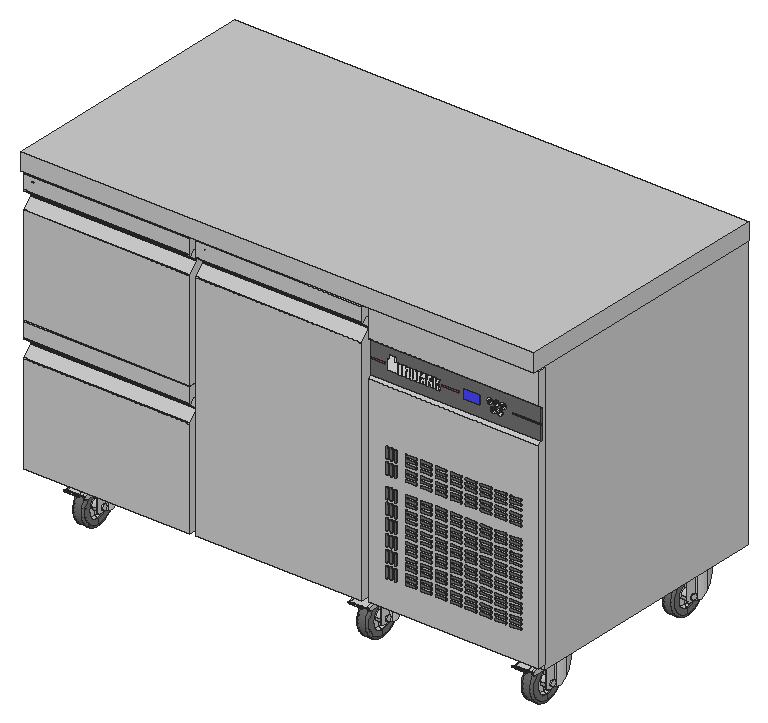
Revit family "QF_INOMAK_PNRP99_250612075801", category Specialty Equipment, Revit 2021 (continued)
Definition of nested family "QF_INOMAK_REF_COUNTERS_DOORS_DRAWERS_6956"
  Definition of nested family "3_Drawers_1-3"
    Forms (mm)
      Extrusion 6, solid, material <- "Finish", visible <- "3 Drawers"
        sketch origin (35, 0, -441.333) x (0, -1, 0) y (0, 0, 1)
          loop
            line (665.734, 826.339) -> (665.734, 857.243)
            arc (665.734, 857.243) -> (666.433, 858.929) -> (668.119, 859.628) r 2.385
            line (668.119, 859.628) -> (680.029, 859.628) -> (686.544, 850.324)
            arc (686.544, 850.324) -> (688.671, 849.602) -> (690, 851.414) r 1.9
            line (690, 851.414) -> (690, 889.333) -> (648, 889.333) -> (648, 595.333) -> (690, 595.333)
        from 0 to -1130
    Lines and regions (mm)
      symbolic lines, visible <- "3 Drawers"
        curve 1: line (35, -850, 900) -> (35, -890, 900)
        curve 2: line (35, -890, 900) -> (1165, -890, 900)
        curve 3: line (1165, -890, 900) -> (1165, -850, 900)
        curve 4: line (1165, -850, 900) -> (35, -850, 900)
        curve 5: line (1135, -850, 900) -> (1135, -700, 900)
        curve 6: line (65, -850, 900) -> (65, -700, 900)
        curve 7: line (35, -1040, 900) -> (35, -1080, 900)
        curve 8: line (35, -1080, 900) -> (1165, -1080, 900)
        curve 9: line (1165, -1080, 900) -> (1165, -1040, 900)
        curve 10: line (1165, -1040, 900) -> (35, -1040, 900)
        curve 11: line (1135, -1040, 900) -> (1135, -890, 900)
        curve 12: line (65, -1040, 900) -> (65, -890, 900)
        curve 13: line (35, -1225, 900) -> (35, -1265, 900)
        curve 14: line (35, -1265, 900) -> (1165, -1265, 900)
        curve 15: line (1165, -1265, 900) -> (1165, -1225, 900)
        curve 16: line (1165, -1225, 900) -> (35, -1225, 900)
        curve 17: line (1135, -1225, 900) -> (1135, -1080, 900)
        curve 18: line (65, -1225, 900) -> (65, -1080, 900)
    Dimensions and locks
      "Length Actual": plane 3 "Left" to plane 4 "Right"
      "Depth Actual": plane 5 "Front" to plane 1 "Back"
      "Height Actual": plane 6 "Top" to plane 8 "Legs top"
      "Front inset": plane 7 "Front legs" to plane 5 "Front"
      "Plinth height": plane 8 "Legs top" to plane 2
      "Rear inset": plane 9 "Backsplash thickness" to plane 1 "Back"
      "Right panel thickness": plane 11 "Right panel" to plane 4 "Right"
      "Left panel thickness": plane 3 "Left" to plane 10 "Left panel"
      plane 14 to plane 15 = 4.667 mm
      equal spacing: plane 14, plane 12, plane 15
      locked: plane 16 to plane 13 at 2
      equal spacing: plane 18, plane 17, plane 19
      plane 18 to plane 19 = 5.333 mm
      "Bottom inset": plane 20 to plane 8 "Legs top"
      equal spacing: plane 21, plane 17, plane 12, plane 16
      "Top inset": plane 13 to plane 6 "Top"
      locked: plane 21 to plane 20 at 2
      aligned and locked: level to plane 2
      aligned and locked: Extrusion 1 to plane 11 "Right panel"
      aligned and locked: plane 10 "Left panel" to curve 1
      aligned and locked: plane 10 "Left panel" to curve 7
      aligned and locked: plane 10 "Left panel" to curve 13
      aligned and locked: Extrusion 2 sketch curve to plane 10 "Left panel"
      aligned and locked: plane 11 "Right panel" to Extrusion 2 sketch curve
      aligned and locked: Extrusion 3 sketch curve to plane 10 "Left panel"
      aligned and locked: plane 11 "Right panel" to Extrusion 3 sketch curve
      aligned and locked: Extrusion 4 sketch curve to plane 10 "Left panel"
      aligned and locked: plane 11 "Right panel" to Extrusion 4 sketch curve
      aligned and locked: Extrusion 2 to plane 13
      aligned and locked: Extrusion 3 to plane 15
      aligned and locked: Extrusion 4 to plane 19
      aligned and locked: Extrusion 5 to plane 11 "Right panel"
      aligned and locked: Extrusion 6 to plane 11 "Right panel"
      aligned and locked: Extrusion 1 sketch curve to plane 13
      aligned and locked: Extrusion 1 sketch curve to plane 7 "Front legs"
      aligned and locked: plane 18 to Extrusion 5 sketch curve
      aligned and locked: Extrusion 6 sketch curve to Extrusion 4  (x2)
      aligned and locked: Extrusion 5 sketch curve to plane 15
      aligned and locked: Extrusion 4 to Extrusion 5 sketch curve
      aligned and locked: Extrusion 6 sketch curve to plane 19
      aligned and locked: Extrusion 6 sketch curve to plane 20
    Automatic sketch dimensions
      Extrusion 2 sketch curve to plane 7 "Front legs" = 0 mm
      Extrusion 2 sketch curve to plane 5 "Front" = 565.045 mm
      Extrusion 3 sketch curve to plane 7 "Front legs" = 0 mm
      Extrusion 3 sketch curve to plane 5 "Front" = 565.045 mm
      Extrusion 4 sketch curve to plane 7 "Front legs" = 0 mm
      Extrusion 4 sketch curve to plane 5 "Front" = 565.045 mm
      curve 14 to plane 11 "Right panel" = 0 mm
      curve 8 to plane 11 "Right panel" = 0 mm
      curve 3 to plane 11 "Right panel" = 0 mm
      curve 6 to plane 5 "Front" = 0 mm
      curve 5 to plane 5 "Front" = 0 mm
      curve 1 to plane 5 "Front" = 150 mm
      curve 2 to curve 3 = 40 mm
      curve 10 to curve 1 = 150 mm
      curve 9 to curve 9 = 40 mm
      curve 13 to curve 7 = 145 mm
      curve 14 to curve 13 = 40 mm
      curve 3 to curve 5 = 30 mm
      curve 15 to curve 17 = 30 mm
      curve 11 to curve 17 = 0 mm
      curve 6 to plane 10 "Left panel" = 30 mm
      curve 18 to plane 10 "Left panel" = 30 mm
      curve 12 to curve 18 = 0 mm
      Extrusion 1 sketch curve to plane 14 = 0 mm
      Extrusion 1 sketch curve to plane 7 "Front legs" = 0 mm
      plane 7 "Front legs" to Extrusion 1 sketch curve = 0.515 mm
      plane 7 "Front legs" to Extrusion 1 sketch curve = 1.757 mm
      plane 7 "Front legs" to Extrusion 1 sketch curve = 1.9 mm
      Extrusion 1 sketch curve to Extrusion 1 sketch curve = 1.556 mm
      plane 7 "Front legs" to Extrusion 1 sketch curve = 9.971 mm
      plane 7 "Front legs" to Extrusion 1 sketch curve = 21.094 mm
      Extrusion 1 sketch curve to Extrusion 1 sketch curve = 11.91 mm
      Extrusion 1 sketch curve to Extrusion 1 sketch curve = 2.243 mm
      Extrusion 1 sketch curve to Extrusion 1 sketch curve = 2.385 mm
      Extrusion 1 sketch curve to Extrusion 1 sketch curve = 20.119 mm
      plane 13 to Extrusion 1 sketch curve = 85.635 mm
      Extrusion 1 sketch curve to Extrusion 1 sketch curve = 22.822 mm
      Extrusion 1 sketch curve to Extrusion 1 sketch curve = 19.985 mm
      Extrusion 1 sketch curve to Extrusion 1 sketch curve = 6.919 mm
      plane 15 to Extrusion 5 sketch curve = 59.328 mm
      Extrusion 5 sketch curve to Extrusion 5 sketch curve = 17.734 mm
      plane 15 to Extrusion 5 sketch curve = 61.571 mm
      Extrusion 5 sketch curve to Extrusion 5 sketch curve = 0.929 mm
      Extrusion 5 sketch curve to Extrusion 5 sketch curve = 2.385 mm
      Extrusion 5 sketch curve to Extrusion 5 sketch curve = 11.91 mm
      Extrusion 5 sketch curve to Extrusion 5 sketch curve = 6.515 mm
      Extrusion 5 sketch curve to Extrusion 5 sketch curve = 1.556 mm
      Extrusion 5 sketch curve to Extrusion 5 sketch curve = 21.58 mm
      plane 15 to Extrusion 5 sketch curve = 84.393 mm
      Extrusion 5 sketch curve to Extrusion 5 sketch curve = 1.242 mm
      Extrusion 5 sketch curve to Extrusion 5 sketch curve = 1.9 mm
      Extrusion 5 sketch curve to Extrusion 5 sketch curve = 0.515 mm
      Extrusion 5 sketch curve to Extrusion 5 sketch curve = 6.919 mm
      Extrusion 5 sketch curve to Extrusion 5 sketch curve = 30.039 mm
      plane 7 "Front legs" to Extrusion 6 sketch curve = 0.515 mm
      plane 7 "Front legs" to Extrusion 6 sketch curve = 1.757 mm
      plane 7 "Front legs" to Extrusion 6 sketch curve = 1.9 mm
      Extrusion 6 sketch curve to Extrusion 6 sketch curve = 1.556 mm
      plane 7 "Front legs" to Extrusion 6 sketch curve = 9.971 mm
      plane 7 "Front legs" to Extrusion 6 sketch curve = 21.094 mm
      Extrusion 6 sketch curve to Extrusion 6 sketch curve = 11.91 mm
      Extrusion 6 sketch curve to Extrusion 6 sketch curve = 2.243 mm
      Extrusion 6 sketch curve to Extrusion 6 sketch curve = 2.385 mm
      Extrusion 6 sketch curve to Extrusion 6 sketch curve = 20.119 mm
      plane 19 to Extrusion 6 sketch curve = 89.302 mm
      Extrusion 6 sketch curve to Extrusion 6 sketch curve = 22.822 mm
      Extrusion 6 sketch curve to Extrusion 6 sketch curve = 23.985 mm
      Extrusion 6 sketch curve to Extrusion 6 sketch curve = 6.919 mm
  Definition of nested family "2_Drawers_1-2"
    Parameters (values of type "2 Drawers 1-2")
      URL = "www.specifiglobal.com"
      Top inset [instance] = 4 mm
      Right panel thickness [instance] = 35 mm
      Rear inset [instance] = 10 mm
      Plinth height [instance] = 150 mm
      Model = ""
      Manufacturer = "DEMO CONSULTANT"
      Length Actual [instance] = 1200 mm
      Left panel thickness [instance] = 35 mm
      Height Actual [instance] = 900 mm
      Front inset [instance] = 10 mm
      Finish = none
      Doors drawers type [instance] = 4
      Description = ""
      Depth Actual [instance] = 700 mm
      Default Elevation = 0 mm
      Bottom inset [instance] = 4 mm
      Assembly Code = "E1090320"
      2 Drawers [instance] = Doors drawers type = 4  # yes
    Reference planes
      plane 1 "Back": y = 0
      plane 2: z = 0
      plane 3 "Left": x = 0
      plane 4 "Right": x = 1200
      plane 5 "Front": y = -700
      plane 6 "Top": z = 1050
      plane 7 "Front legs": y = -690
      plane 8 "Legs top": z = 150
      plane 9 "Backsplash thickness": y = -10
      plane 10 "Left panel": x = 35
      plane 11 "Right panel": x = 1165
      plane 12: z = 600
      plane 13: z = 1046
      plane 14: z = 602
      plane 15: z = 598
      plane 16: z = 154
    Forms (mm)
      Extrusion 1, solid, material <- "Finish", visible <- "2 Drawers"
        sketch origin (35, 0, 0) x (0, -1, 0) y (0, 0, 1)
          loop
            line (690, 602) -> (690, 960.365)
            arc (690, 960.365) -> (689.866, 961.037) -> (689.485, 961.607) r 1.757
            line (689.485, 961.607) -> (666.663, 984.429)
            arc (666.663, 984.429) -> (665.976, 985.458) -> (665.734, 986.672) r 3.172
            line (665.734, 986.672) -> (665.734, 1013.576)
            arc (665.734, 1013.576) -> (666.433, 1015.262) -> (668.119, 1015.961) r 2.385
            line (668.119, 1015.961) -> (680.029, 1015.961) -> (686.544, 1006.657)
            arc (686.544, 1006.657) -> (688.671, 1005.935) -> (690, 1007.747) r 1.9
            line (690, 1007.747) -> (690, 1046) -> (648, 1046) -> (648, 602) -> (690, 602)
        from 0 to -1130
      Extrusion 2, solid, visible <- "2 Drawers", detail levels coarse
        sketch origin (0, -640.463, 602) x (0, 1, 0) y (-1, 0, 0)
          loop
            line (-49.537, -35) -> (-624.537, -35) -> (-624.537, -1165) -> (-49.537, -1165) -> (-49.537, -35)
        from 0 to 444
      Extrusion 3, solid, visible <- "2 Drawers", detail levels coarse
        sketch origin (0, -700, 154) x (-1, 0, 0) y (0, 1, 0)
          loop
            line (-35, 10) -> (-1165, 10) -> (-1165, -565) -> (-35, -565) -> (-35, 10)
        from 0 to -444
      Extrusion 4, solid, material <- "Finish", visible <- "2 Drawers"
        sketch origin (35, 0, -441.333) x (0, -1, 0) y (0, 0, 1)
          loop
            line (690, 595.333) -> (690, 953.698)
            arc (690, 953.698) -> (689.866, 954.37) -> (689.485, 954.94) r 1.757
            line (689.485, 954.94) -> (666.663, 977.763)
            arc (666.663, 977.763) -> (665.976, 978.792) -> (665.734, 980.006) r 3.172
            line (665.734, 980.006) -> (665.734, 1006.909)
            arc (665.734, 1006.909) -> (666.433, 1008.596) -> (668.119, 1009.294) r 2.385
            line (668.119, 1009.294) -> (680.029, 1009.294) -> (686.544, 999.991)
            arc (686.544, 999.991) -> (688.671, 999.268) -> (690, 1001.08) r 1.9
            line (690, 1001.08) -> (690, 1039.333) -> (648, 1039.333) -> (648, 595.333) -> (690, 595.333)
        from 0 to -1130
    Lines and regions (mm)
      symbolic lines, visible <- "2 Drawers"
        curve 1: line (35, -940, 900) -> (35, -980, 900)
        curve 2: line (35, -980, 900) -> (1165, -980, 900)
        curve 3: line (1165, -980, 900) -> (1165, -940, 900)
        curve 4: line (1165, -940, 900) -> (35, -940, 900)
        curve 5: line (1135, -940, 900) -> (1135, -700, 900)
        curve 6: line (65, -940, 900) -> (65, -700, 900)
        curve 7: line (35, -1225, 900) -> (35, -1265, 900)
        curve 8: line (35, -1265, 900) -> (1165, -1265, 900)
        curve 9: line (1165, -1265, 900) -> (1165, -1225, 900)
        curve 10: line (1165, -1225, 900) -> (35, -1225, 900)
        curve 11: line (1135, -1225, 900) -> (1135, -980, 900)
        curve 12: line (65, -1225, 900) -> (65, -980, 900)
    Dimensions and locks
      "Length Actual": plane 3 "Left" to plane 4 "Right"
      "Depth Actual": plane 5 "Front" to plane 1 "Back"
      "Height Actual": plane 6 "Top" to plane 8 "Legs top"
      "Front inset": plane 7 "Front legs" to plane 5 "Front"
      "Plinth height": plane 8 "Legs top" to plane 2
      "Rear inset": plane 9 "Backsplash thickness" to plane 1 "Back"
      "Right panel thickness": plane 11 "Right panel" to plane 4 "Right"
      "Left panel thickness": plane 3 "Left" to plane 10 "Left panel"
      "Top inset": plane 6 "Top" to plane 13
      "Bottom inset": plane 16 to plane 8 "Legs top"
      equal spacing: plane 16, plane 12, plane 13
      locked: plane 14 to plane 12 at 2
      locked: plane 15 to plane 12 at 2
      aligned and locked: level to plane 2
      aligned and locked: Extrusion 1 to plane 11 "Right panel"
      aligned and locked: plane 10 "Left panel" to curve 1
      aligned and locked: plane 10 "Left panel" to curve 7
      aligned and locked: Extrusion 2 sketch curve to plane 10 "Left panel"
      aligned and locked: plane 11 "Right panel" to Extrusion 2 sketch curve
      aligned and locked: Extrusion 3 sketch curve to plane 10 "Left panel"
      aligned and locked: plane 11 "Right panel" to Extrusion 3 sketch curve
      aligned and locked: Extrusion 2 to plane 13
      aligned and locked: Extrusion 4 to plane 11 "Right panel"
      aligned and locked: Extrusion 3 to plane 15
      aligned and locked: Extrusion 1 sketch curve to plane 13
      aligned and locked: Extrusion 1 sketch curve to plane 7 "Front legs"
      aligned and locked: plane 14 to Extrusion 1 sketch curve
      aligned and locked: Extrusion 4 sketch curve to plane 15
      aligned and locked: Extrusion 4 sketch curve to plane 7 "Front legs"
      aligned and locked: Extrusion 4 sketch curve to plane 16
    Automatic sketch dimensions
      Extrusion 2 sketch curve to plane 7 "Front legs" = 0 mm
      Extrusion 2 sketch curve to plane 5 "Front" = 565 mm
      Extrusion 3 sketch curve to plane 7 "Front legs" = 0 mm
      Extrusion 3 sketch curve to plane 5 "Front" = 565 mm
      curve 9 to plane 11 "Right panel" = 0 mm
      curve 2 to plane 11 "Right panel" = 0 mm
      curve 5 to plane 5 "Front" = 0 mm
      curve 6 to plane 5 "Front" = 0 mm
      curve 1 to plane 5 "Front" = 240 mm
      curve 3 to curve 3 = 40 mm
      curve 7 to curve 1 = 245 mm
      curve 8 to curve 9 = 40 mm
      plane 11 "Right panel" to curve 5 = 30 mm
      curve 2 to curve 11 = 30 mm
      curve 6 to plane 10 "Left panel" = 30 mm
      curve 12 to plane 10 "Left panel" = 30 mm
      Extrusion 1 sketch curve to Extrusion 1 sketch curve = 17.734 mm
      Extrusion 1 sketch curve to Extrusion 1 sketch curve = 0.929 mm
      Extrusion 1 sketch curve to Extrusion 1 sketch curve = 2.385 mm
      Extrusion 1 sketch curve to Extrusion 1 sketch curve = 3.172 mm
      Extrusion 1 sketch curve to Extrusion 1 sketch curve = 11.91 mm
      Extrusion 1 sketch curve to Extrusion 1 sketch curve = 6.515 mm
      Extrusion 1 sketch curve to Extrusion 1 sketch curve = 1.556 mm
      Extrusion 1 sketch curve to Extrusion 1 sketch curve = 21.58 mm
      Extrusion 1 sketch curve to Extrusion 1 sketch curve = 1.242 mm
      Extrusion 1 sketch curve to Extrusion 1 sketch curve = 1.9 mm
      Extrusion 1 sketch curve to Extrusion 1 sketch curve = 0.515 mm
      Extrusion 1 sketch curve to Extrusion 1 sketch curve = 22.822 mm
      Extrusion 1 sketch curve to Extrusion 1 sketch curve = 19.985 mm
      Extrusion 1 sketch curve to Extrusion 1 sketch curve = 6.919 mm
      Extrusion 1 sketch curve to Extrusion 1 sketch curve = 30.039 mm
      Extrusion 4 sketch curve to plane 7 "Front legs" = 0 mm
      plane 7 "Front legs" to Extrusion 4 sketch curve = 0.515 mm
      plane 7 "Front legs" to Extrusion 4 sketch curve = 1.757 mm
      plane 7 "Front legs" to Extrusion 4 sketch curve = 1.9 mm
      Extrusion 4 sketch curve to Extrusion 4 sketch curve = 1.556 mm
      plane 7 "Front legs" to Extrusion 4 sketch curve = 9.971 mm
      plane 7 "Front legs" to Extrusion 4 sketch curve = 21.094 mm
      Extrusion 4 sketch curve to Extrusion 4 sketch curve = 11.91 mm
      Extrusion 4 sketch curve to Extrusion 4 sketch curve = 2.243 mm
      Extrusion 4 sketch curve to Extrusion 4 sketch curve = 2.385 mm
      Extrusion 4 sketch curve to Extrusion 4 sketch curve = 20.119 mm
      Extrusion 4 sketch curve to Extrusion 4 sketch curve = 22.822 mm
      Extrusion 4 sketch curve to Extrusion 4 sketch curve = 19.985 mm
      Extrusion 4 sketch curve to Extrusion 4 sketch curve = 6.919 mm
      Extrusion 4 sketch curve to Extrusion 4 sketch curve = 30.039 mm
  Definition of nested family "2_Drawers_1-3_2-3"
    Parameters (values of type "2 Drawers 1-3 and 2-3")
      URL = "www.specifiglobal.com"
      Top inset [instance] = 4 mm
      Right panel thickness [instance] = 35 mm
      Rear inset [instance] = 10 mm
      Plinth height [instance] = 150 mm
      Model = ""
      Manufacturer = "DEMO CONSULTANT"
      Length Actual [instance] = 1200 mm
      Left panel thickness [instance] = 35 mm
      Height Actual [instance] = 900 mm
      Front inset [instance] = 10 mm
      Finish = none
      Doors drawers type [instance] = 5
      Description = ""
      Depth Actual [instance] = 700 mm
      Default Elevation = 0 mm
      Bottom inset [instance] = 4 mm
      Assembly Code = "E1090320"
      2 Drawers 1-3 and 2-3 [instance] = Doors drawers type = 5  # yes
    Reference planes
      plane 1 "Back": y = 0
      plane 2: z = 0
      plane 3 "Left": x = 0
      plane 4 "Right": x = 1200
      plane 5 "Front": y = -700
      plane 6 "Top": z = 1050
      plane 7 "Front legs": y = -690
      plane 8 "Legs top": z = 150
      plane 9 "Backsplash thickness": y = -10
      plane 10 "Left panel": x = 35
      plane 11 "Right panel": x = 1165
      plane 12: z = 1046
      plane 13: z = 751.833
      plane 14: z = 746.833
      plane 15: z = 154
      plane 16: z = 450.667
      plane 17: z = 152
      plane 18: z = 1048
      plane 19: z = 749.333
    Forms (mm)
      Extrusion 1, solid, material <- "Finish", visible <- "2 Drawers 1-3 and 2-3"
        sketch origin (35, 0, 0) x (0, -1, 0) y (0, 0, 1)
          loop
            line (690, 751.833) -> (690, 960.365)
            arc (690, 960.365) -> (689.866, 961.037) -> (689.485, 961.607) r 1.757
            line (689.485, 961.607) -> (666.663, 984.429)
            arc (666.663, 984.429) -> (665.976, 985.458) -> (665.734, 986.672) r 3.172
            line (665.734, 986.672) -> (665.734, 1013.576)
            arc (665.734, 1013.576) -> (666.433, 1015.262) -> (668.119, 1015.961) r 2.385
            line (668.119, 1015.961) -> (680.029, 1015.961) -> (686.544, 1006.657)
            arc (686.544, 1006.657) -> (688.671, 1005.935) -> (690, 1007.747) r 1.9
            line (690, 1007.747) -> (690, 1046) -> (648, 1046) -> (648, 751.833) -> (690, 751.833)
        from 0 to -1130
      Extrusion 2, solid, visible <- "2 Drawers 1-3 and 2-3", detail levels coarse
        sketch origin (0, -640.463, 751.833) x (0, 1, 0) y (-1, 0, 0)
          loop
            line (-49.537, -35) -> (-624.537, -35) -> (-624.537, -1165) -> (-49.537, -1165) -> (-49.537, -35)
        from 0 to 294.167
      Extrusion 3, solid, visible <- "2 Drawers 1-3 and 2-3", detail levels coarse
        sketch origin (0, -700, 154) x (-1, 0, 0) y (0, 1, 0)
          loop
            line (-35, 10) -> (-1165, 10) -> (-1165, -565) -> (-35, -565) -> (-35, 10)
        from 0 to -592.833
      Extrusion 4, solid, material <- "Finish", visible <- "2 Drawers 1-3 and 2-3"
        sketch origin (35, 0, -441.333) x (0, -1, 0) y (0, 0, 1)
          loop
            line (690, 595.333) -> (690, 1101.698)
            arc (690, 1101.698) -> (689.866, 1102.37) -> (689.485, 1102.94) r 1.757
            line (689.485, 1102.94) -> (666.663, 1126.596)
            arc (666.663, 1126.596) -> (665.976, 1127.625) -> (665.734, 1128.839) r 3.172
            line (665.734, 1128.839) -> (665.734, 1155.743)
            arc (665.734, 1155.743) -> (666.433, 1157.429) -> (668.119, 1158.128) r 2.385
            line (668.119, 1158.128) -> (680.029, 1158.128) -> (686.544, 1148.824)
            arc (686.544, 1148.824) -> (688.671, 1148.102) -> (690, 1149.914) r 1.9
            line (690, 1149.914) -> (690, 1188.167) -> (648, 1188.167) -> (648, 595.333) -> (690, 595.333)
        from 0 to -1130
    Lines and regions (mm)
      symbolic lines, visible <- "2 Drawers 1-3 and 2-3"
        curve 1: line (35, -1000, 900) -> (35, -1040, 900)
        curve 2: line (35, -1040, 900) -> (1165, -1040, 900)
        curve 3: line (1165, -1040, 900) -> (1165, -1000, 900)
        curve 4: line (1165, -1000, 900) -> (35, -1000, 900)
        curve 5: line (1135, -1000, 900) -> (1135, -700, 900)
        curve 6: line (65, -1000, 900) -> (65, -700, 900)
        curve 7: line (35, -1225, 900) -> (35, -1265, 900)
        curve 8: line (35, -1265, 900) -> (1165, -1265, 900)
        curve 9: line (1165, -1265, 900) -> (1165, -1225, 900)
        curve 10: line (1165, -1225, 900) -> (35, -1225, 900)
        curve 11: line (1135, -1225, 900) -> (1135, -1040, 900)
        curve 12: line (65, -1225, 900) -> (65, -1040, 900)
    Dimensions and locks
      "Length Actual": plane 3 "Left" to plane 4 "Right"
      "Depth Actual": plane 5 "Front" to plane 1 "Back"
      "Height Actual": plane 6 "Top" to plane 8 "Legs top"
      "Front inset": plane 7 "Front legs" to plane 5 "Front"
      "Plinth height": plane 8 "Legs top" to plane 2
      "Rear inset": plane 9 "Backsplash thickness" to plane 1 "Back"
      "Right panel thickness": plane 11 "Right panel" to plane 4 "Right"
      "Left panel thickness": plane 3 "Left" to plane 10 "Left panel"
      "Top inset": plane 6 "Top" to plane 12
      locked: plane 13 to plane 14 at 5
      "Bottom inset": plane 15 to plane 8 "Legs top"
      equal spacing: plane 17, plane 16, plane 19, plane 18
      equal spacing: plane 12, plane 18, plane 6 "Top"
      equal spacing: plane 14, plane 19, plane 13
      equal spacing: plane 15, plane 17, plane 8 "Legs top"
      aligned and locked: level to plane 2
      aligned and locked: Extrusion 1 to plane 11 "Right panel"
      aligned and locked: plane 10 "Left panel" to curve 1
      aligned and locked: plane 10 "Left panel" to curve 7
      aligned and locked: Extrusion 2 sketch curve to plane 10 "Left panel"
      aligned and locked: plane 11 "Right panel" to Extrusion 2 sketch curve
      aligned and locked: Extrusion 3 sketch curve to plane 10 "Left panel"
      aligned and locked: plane 11 "Right panel" to Extrusion 3 sketch curve
      aligned and locked: Extrusion 2 to plane 12
      aligned and locked: Extrusion 4 to plane 11 "Right panel"
      aligned and locked: Extrusion 3 to plane 14
      aligned and locked: plane 13 to Extrusion 1 sketch curve
      aligned and locked: Extrusion 2 to Extrusion 1 sketch curve
      aligned and locked: Extrusion 3 to Extrusion 4 sketch curve
      aligned and locked: Extrusion 4 sketch curve to Extrusion 3  (x2)
      aligned and locked: Extrusion 1 sketch curve to plane 7 "Front legs"
    Automatic sketch dimensions
      Extrusion 2 sketch curve to plane 7 "Front legs" = 0 mm
      Extrusion 2 sketch curve to plane 5 "Front" = 565 mm
      Extrusion 3 sketch curve to plane 7 "Front legs" = 0 mm
      Extrusion 3 sketch curve to plane 5 "Front" = 565 mm
      curve 9 to plane 11 "Right panel" = 0 mm
      curve 2 to plane 11 "Right panel" = 0 mm
      curve 5 to plane 5 "Front" = 0 mm
      curve 6 to plane 5 "Front" = 0 mm
      curve 1 to plane 5 "Front" = 300 mm
      curve 3 to curve 3 = 40 mm
      curve 7 to curve 1 = 185 mm
      curve 8 to curve 9 = 40 mm
      plane 11 "Right panel" to curve 5 = 30 mm
      curve 11 to curve 5 = 0 mm
      curve 6 to plane 10 "Left panel" = 30 mm
      curve 12 to curve 6 = 0 mm
      Extrusion 1 sketch curve to plane 7 "Front legs" = 0 mm
      plane 7 "Front legs" to Extrusion 1 sketch curve = 0.515 mm
      plane 7 "Front legs" to Extrusion 1 sketch curve = 1.757 mm
      plane 7 "Front legs" to Extrusion 1 sketch curve = 1.9 mm
      Extrusion 1 sketch curve to Extrusion 1 sketch curve = 1.556 mm
      plane 7 "Front legs" to Extrusion 1 sketch curve = 9.971 mm
      plane 7 "Front legs" to Extrusion 1 sketch curve = 21.094 mm
      Extrusion 1 sketch curve to Extrusion 1 sketch curve = 11.91 mm
      Extrusion 1 sketch curve to Extrusion 1 sketch curve = 2.243 mm
      Extrusion 1 sketch curve to Extrusion 1 sketch curve = 2.385 mm
      Extrusion 1 sketch curve to Extrusion 1 sketch curve = 20.119 mm
      plane 12 to Extrusion 1 sketch curve = 85.635 mm
      Extrusion 1 sketch curve to Extrusion 1 sketch curve = 22.822 mm
      Extrusion 1 sketch curve to Extrusion 1 sketch curve = 19.985 mm
      Extrusion 1 sketch curve to Extrusion 1 sketch curve = 6.919 mm
      plane 12 to Extrusion 1 sketch curve = 0 mm
      Extrusion 4 sketch curve to plane 7 "Front legs" = 0 mm
      plane 7 "Front legs" to Extrusion 4 sketch curve = 0.515 mm
      plane 7 "Front legs" to Extrusion 4 sketch curve = 1.9 mm
      Extrusion 4 sketch curve to Extrusion 4 sketch curve = 1.556 mm
      plane 7 "Front legs" to Extrusion 4 sketch curve = 9.971 mm
      plane 7 "Front legs" to Extrusion 4 sketch curve = 21.094 mm
      Extrusion 4 sketch curve to Extrusion 4 sketch curve = 11.91 mm
      Extrusion 4 sketch curve to Extrusion 4 sketch curve = 2.243 mm
      Extrusion 4 sketch curve to Extrusion 4 sketch curve = 2.385 mm
      Extrusion 4 sketch curve to Extrusion 4 sketch curve = 20.119 mm
      Extrusion 4 sketch curve to Extrusion 4 sketch curve = 86.469 mm
      Extrusion 4 sketch curve to Extrusion 4 sketch curve = 23.656 mm
      Extrusion 4 sketch curve to Extrusion 4 sketch curve = 19.985 mm
      Extrusion 4 sketch curve to Extrusion 4 sketch curve = 6.919 mm
      plane 7 "Front legs" to Extrusion 4 sketch curve = 1.757 mm
  Definition of nested family "Sliding_Doors"
    Parameters (values of type "Sliding doors")
      URL = "www.specifiglobal.com"
      Top inset [instance] = 4 mm
      Sliding doors [instance] = Doors drawers type = 2  # yes
      Right panel thickness [instance] = 35 mm
      Rear inset [instance] = 10 mm
      Plinth height [instance] = 150 mm
      Model = ""
      Manufacturer = "DEMO CONSULTANT"
      Length Actual [instance] = 1200 mm
      Left panel thickness [instance] = 35 mm
      Height Actual [instance] = 900 mm
      Front inset [instance] = 10 mm
      Finish [instance] = none
      Doors drawers type [instance] = 2
      Description = ""
      Depth Actual [instance] = 700 mm
      Default Elevation = 0 mm
      Bottom inset [instance] = 4 mm
      Assembly Code = "E1090320"
    Reference planes
      plane 1 "Back": y = 0
      plane 2: z = 0
      plane 3 "Left": x = 0
      plane 4 "Right": x = 1200
      plane 5 "Front": y = -700
      plane 6 "Top": z = 1050
      plane 7 "Front legs": y = -690
      plane 8 "Legs top": z = 150
      plane 9 "Backsplash thickness": y = -10
      plane 10: x = 35
      plane 11: x = 1165
      plane 12 "Center Left-Right": x = 600
      plane 13: z = 154
      plane 14: z = 1046
    Forms (mm)
      Extrusion 1, solid, material <- "Finish", visible <- "Sliding doors"
        sketch origin (0, -690, 154) x (-1, 0, 0) y (0, 1, 0)
          loop
            line (-35, 10) -> (-35, 20) -> (-620, 20) -> (-620, 0) -> (-91.156, 0)
            arc (-91.156, 0) -> (-85.272, 0.885) -> (-79.91, 3.461) r 20
            line (-79.91, 3.461) -> (-60, 17) -> (-38, 17) -> (-38, 10)
            arc (-38, 10) -> (-40.05, 5.05) -> (-45, 3) r 7
            line (-45, 3) -> (-50.012, 3) -> (-50.012, 0) -> (-45, 0)
            arc (-45, 0) -> (-37.929, 2.929) -> (-35, 10) r 10
        from 0 to -892
      Extrusion 2, solid, material <- "Finish", visible <- "Sliding doors"
        sketch origin (0, -689, 154) x (-1, 0, 0) y (0, 1, 0)
          loop
            arc (-1065, 30) -> (-1062.071, 22.929) -> (-1055, 20) r 10
            line (-1055, 20) -> (-1049.988, 20) -> (-1049.988, 23) -> (-1055, 23)
            arc (-1055, 23) -> (-1059.95, 25.05) -> (-1062, 30) r 7
            line (-1062, 30) -> (-1062, 37) -> (-1040, 37) -> (-1020.09, 23.461)
            arc (-1020.09, 23.461) -> (-1014.728, 20.885) -> (-1008.844, 20) r 20
            line (-1008.844, 20) -> (-480, 20) -> (-480, 40) -> (-1065, 40) -> (-1065, 30)
        from 0 to -892
    Lines and regions (mm)
      symbolic lines, visible <- "Sliding doors"
        curve 1: line (1065, -649, 150) -> (480, -649, 150)
        curve 2: line (1065, -669, 150) -> (1065, -649, 150)
        curve 3: line (480, -669, 150) -> (1065, -669, 150)
        curve 4: line (480, -649, 150) -> (480, -669, 150)
        curve 5: line (620, -690, 150) -> (35, -690, 150)
        curve 6: line (620, -670, 150) -> (620, -690, 150)
        curve 7: line (35, -670, 150) -> (620, -670, 150)
        curve 8: line (35, -690, 150) -> (35, -670, 150)
    Dimensions and locks
      "Length Actual": plane 3 "Left" to plane 4 "Right"
      "Depth Actual": plane 5 "Front" to plane 1 "Back"
      "Height Actual": plane 6 "Top" to plane 8 "Legs top"
      "Front inset": plane 7 "Front legs" to plane 5 "Front"
      "Plinth height": plane 8 "Legs top" to plane 2
      "Rear inset": plane 9 "Backsplash thickness" to plane 1 "Back"
      "Right panel thickness": plane 11 to plane 4 "Right"
      "Left panel thickness": plane 3 "Left" to plane 10
      equal spacing: plane 10, plane 12 "Center Left-Right", plane 11
      "Top inset": plane 6 "Top" to plane 14
      "Bottom inset": plane 13 to plane 8 "Legs top"
      locked: plane 12 "Center Left-Right" to curve 4 at 120
      locked: plane 12 "Center Left-Right" to curve 5 at 20
      locked: plane 11 to curve 1 at 100
      aligned and locked: level to plane 2
      aligned and locked: Extrusion 1 sketch curve to plane 7 "Front legs"
      aligned and locked: Extrusion 1 sketch curve to plane 10
      aligned and locked: Extrusion 1 to plane 14
      aligned and locked: Extrusion 2 to plane 14
      aligned and locked: curve 8 to plane 10
    Automatic sketch dimensions
      Extrusion 2 sketch curve to Extrusion 2 sketch curve = 0 mm  (x2)
      plane 11 to Extrusion 2 sketch curve = 100 mm
      Extrusion 2 sketch curve to Extrusion 2 sketch curve = 3 mm
      Extrusion 2 sketch curve to Extrusion 2 sketch curve = 7 mm  (x2)
      Extrusion 2 sketch curve to Extrusion 2 sketch curve = 5.012 mm
      plane 7 "Front legs" to Extrusion 2 sketch curve = 38 mm
      Extrusion 2 sketch curve to Extrusion 2 sketch curve = 15 mm
      plane 7 "Front legs" to Extrusion 2 sketch curve = 24.461 mm
      Extrusion 2 sketch curve to Extrusion 2 sketch curve = 19.91 mm
      Extrusion 2 sketch curve to Extrusion 2 sketch curve = 11.246 mm
      Extrusion 2 sketch curve to plane 12 "Center Left-Right" = 120 mm
      Extrusion 2 sketch curve to Extrusion 2 sketch curve = 16.539 mm
      Extrusion 2 sketch curve to Extrusion 2 sketch curve = 20 mm
      Extrusion 1 sketch curve to Extrusion 1 sketch curve = 0 mm  (x2)
      Extrusion 1 sketch curve to plane 7 "Front legs" = 0 mm
      Extrusion 1 sketch curve to plane 10 = 3 mm
      Extrusion 1 sketch curve to Extrusion 1 sketch curve = 7 mm
      Extrusion 1 sketch curve to Extrusion 1 sketch curve = 5.012 mm
      Extrusion 1 sketch curve to Extrusion 1 sketch curve = 15 mm
      plane 7 "Front legs" to Extrusion 1 sketch curve = 3.461 mm
      Extrusion 1 sketch curve to Extrusion 1 sketch curve = 19.91 mm
      Extrusion 1 sketch curve to Extrusion 1 sketch curve = 11.246 mm
      plane 12 "Center Left-Right" to Extrusion 1 sketch curve = 20 mm
      Extrusion 1 sketch curve to Extrusion 1 sketch curve = 20 mm
      Extrusion 1 sketch curve to Extrusion 1 sketch curve = 3 mm
      curve 8 to plane 7 "Front legs" = 0 mm
      curve 5 to curve 6 = 20 mm
      plane 7 "Front legs" to curve 2 = 21 mm
      curve 2 to curve 2 = 20 mm
  Definition of nested family "4_Drawers_1-4"
    Parameters (values of type "4 Drawers 1-4")
      URL = "www.specifiglobal.com"
      Top inset [instance] = 4 mm
      Right panel thickness [instance] = 35 mm
      Rear inset [instance] = 10 mm
      Plinth height [instance] = 150 mm
      Model = ""
      Manufacturer = "DEMO CONSULTANT"
      Length Actual [instance] = 1200 mm
      Left panel thickness [instance] = 35 mm
      Height Actual [instance] = 900 mm
      Front inset [instance] = 10 mm
      Finish [instance] = none
      Doors drawers type [instance] = 7
      Description = ""
      Depth Actual [instance] = 700 mm
      Default Elevation = 0 mm
      Bottom inset [instance] = 4 mm
      Assembly Code = "E1090320"
      4 Drawers [instance] = Doors drawers type = 7  # yes
    Reference planes
      plane 1 "Back": y = 0
      plane 2: z = 0
      plane 3 "Left": x = 0
      plane 4 "Right": x = 1200
      plane 5 "Front": y = -700
      plane 6 "Top": z = 1050
      plane 7 "Front legs": y = -690
      plane 8 "Legs top": z = 150
      plane 9 "Backsplash thickness": y = -10
      plane 10 "Left panel": x = 35
      plane 11 "Right panel": x = 1165
      plane 12: z = 824.25
      plane 13: z = 1046
      plane 14: z = 826.083
      plane 15: z = 822.417
      plane 16: z = 1048.5
      plane 17: z = 375.75
      plane 18: z = 377.917
      plane 19: z = 373.583
      plane 20: z = 154
      plane 21: z = 151.5
      plane 22: z = 600
      plane 23: z = 601.833
      plane 24: z = 598.167
    Forms (mm)
      Extrusion 1, solid, material <- "Finish", visible <- "4 Drawers"
        sketch origin (35, 0, -1) x (0, -1, 0) y (0, 0, 1)
          loop
            line (680, 1047) -> (670, 1047) -> (670, 827.083) -> (690, 827.083) -> (690, 990.844)
            arc (690, 990.844) -> (689.115, 996.728) -> (686.539, 1002.09) r 20
            line (686.539, 1002.09) -> (673, 1022) -> (673, 1044) -> (680, 1044)
            arc (680, 1044) -> (684.95, 1041.95) -> (687, 1037) r 7
            line (687, 1037) -> (687, 1031.988) -> (690, 1031.988) -> (690, 1037)
            arc (690, 1037) -> (687.071, 1044.071) -> (680, 1047) r 10
        from 0 to -1130
      Extrusion 2, solid, visible <- "4 Drawers", detail levels coarse
        sketch origin (0, -640.463, 826.083) x (0, 1, 0) y (-1, 0, 0)
          loop
            line (-49.537, -35) -> (-624.537, -35) -> (-624.537, -1165) -> (-49.537, -1165) -> (-49.537, -35)
        from 0 to 219.917
      Extrusion 3, solid, visible <- "4 Drawers", detail levels coarse
        sketch origin (0, -700, 154) x (-1, 0, 0) y (0, 1, 0)
          loop
            line (-35, 10) -> (-1165, 10) -> (-1165, -565) -> (-35, -565) -> (-35, 10)
        from 0 to -219.583
      Extrusion 4, solid, material <- "Finish", visible <- "4 Drawers"
        sketch origin (35, 0, -440.333) x (0, -1, 0) y (0, 0, 1)
          loop
            line (680, 813.917) -> (670, 813.917) -> (670, 594.333) -> (690, 594.333) -> (690, 757.761)
            arc (690, 757.761) -> (689.115, 763.644) -> (686.539, 769.007) r 20
            line (686.539, 769.007) -> (673, 788.917) -> (673, 810.917) -> (680, 810.917)
            arc (680, 810.917) -> (684.95, 808.866) -> (687, 803.917) r 7
            line (687, 803.917) -> (687, 798.904) -> (690, 798.904) -> (690, 803.917)
            arc (690, 803.917) -> (687.071, 810.988) -> (680, 813.917) r 10
        from 0 to -1130
      Extrusion 5, solid, material <- "Finish", visible <- "4 Drawers"
        sketch origin (35, 0, -165.333) x (0, -1, 0) y (0, 0, 1)
          loop
            line (680, 987.75) -> (670, 987.75) -> (670, 767.167) -> (690, 767.167) -> (690, 931.594)
            arc (690, 931.594) -> (689.115, 937.478) -> (686.539, 942.84) r 20
            line (686.539, 942.84) -> (673, 962.75) -> (673, 984.75) -> (680, 984.75)
            arc (680, 984.75) -> (684.95, 982.7) -> (687, 977.75) r 7
            line (687, 977.75) -> (687, 972.738) -> (690, 972.738) -> (690, 977.75)
            arc (690, 977.75) -> (687.071, 984.821) -> (680, 987.75) r 10
        from 0 to -1130
      Extrusion 6, solid, material <- "Finish", visible <- "4 Drawers"
        sketch origin (35, 0, -330.333) x (0, -1, 0) y (0, 0, 1)
          loop
            line (680, 928.5) -> (670, 928.5) -> (670, 708.25) -> (690, 708.25) -> (690, 872.344)
            arc (690, 872.344) -> (689.115, 878.228) -> (686.539, 883.59) r 20
            line (686.539, 883.59) -> (673, 903.5) -> (673, 925.5) -> (680, 925.5)
            arc (680, 925.5) -> (684.95, 923.45) -> (687, 918.5) r 7
            line (687, 918.5) -> (687, 913.488) -> (690, 913.488) -> (690, 918.5)
            arc (690, 918.5) -> (687.071, 925.571) -> (680, 928.5) r 10
        from 0 to -1130
      Extrusion 7, solid, visible <- "4 Drawers", detail levels coarse
        sketch origin (0, -500.463, 601.833) x (0, 1, 0) y (-1, 0, 0)
          loop
            line (-189.537, -35) -> (-764.537, -35) -> (-764.537, -1165) -> (-189.537, -1165) -> (-189.537, -35)
        from 0 to 220.583
      Extrusion 8, solid, visible <- "4 Drawers", detail levels coarse
        sketch origin (0, -540.463, 377.917) x (0, 1, 0) y (-1, 0, 0)
          loop
            line (-149.537, -35) -> (-724.537, -35) -> (-724.537, -1165) -> (-149.537, -1165) -> (-149.537, -35)
        from 0 to 220.25
    Lines and regions (mm)
      symbolic lines, visible <- "4 Drawers"
        curve 1: line (35, -945, 900) -> (35, -985, 900)
        curve 2: line (35, -985, 900) -> (1165, -985, 900)
        curve 3: line (1165, -985, 900) -> (1165, -945, 900)
        curve 4: line (1165, -945, 900) -> (35, -945, 900)
        curve 5: line (1135, -945, 900) -> (1135, -845, 900)
        curve 6: line (65, -945, 900) -> (65, -845, 900)
        curve 7: line (35, -1085, 900) -> (35, -1125, 900)
        curve 8: line (35, -1125, 900) -> (1165, -1125, 900)
        curve 9: line (1165, -1125, 900) -> (1165, -1085, 900)
        curve 10: line (1165, -1085, 900) -> (35, -1085, 900)
        curve 11: line (1135, -1085, 900) -> (1135, -985, 900)
        curve 12: line (65, -1085, 900) -> (65, -985, 900)
        curve 13: line (35, -1225, 900) -> (35, -1265, 900)
        curve 14: line (35, -1265, 900) -> (1165, -1265, 900)
        curve 15: line (1165, -1265, 900) -> (1165, -1225, 900)
        curve 16: line (1165, -1225, 900) -> (35, -1225, 900)
        curve 17: line (1135, -1225, 900) -> (1135, -1125, 900)
        curve 18: line (65, -1225, 900) -> (65, -1125, 900)
        curve 19: line (35, -805, 900) -> (35, -845, 900)
        curve 20: line (35, -845, 900) -> (1165, -845, 900)
        curve 21: line (1165, -845, 900) -> (1165, -805, 900)
        curve 22: line (1165, -805, 900) -> (35, -805, 900)
        curve 23: line (65, -805, 900) -> (65, -700, 900)
        curve 24: line (1135, -805, 900) -> (1135, -700, 900)
    Dimensions and locks
      "Length Actual": plane 3 "Left" to plane 4 "Right"
      "Depth Actual": plane 5 "Front" to plane 1 "Back"
      "Height Actual": plane 6 "Top" to plane 8 "Legs top"
      "Front inset": plane 7 "Front legs" to plane 5 "Front"
      "Plinth height": plane 8 "Legs top" to plane 2
      "Rear inset": plane 9 "Backsplash thickness" to plane 1 "Back"
      "Right panel thickness": plane 11 "Right panel" to plane 4 "Right"
      "Left panel thickness": plane 3 "Left" to plane 10 "Left panel"
      locked: plane 14 to plane 15 at 3.667
      equal spacing: plane 14, plane 12, plane 15
      locked: plane 23 to plane 24 at 3.667
      equal spacing: plane 23, plane 22, plane 24
      "Bottom inset": plane 20 to plane 8 "Legs top"
      equal spacing: plane 19, plane 17, plane 18
      locked: plane 19 to plane 18 at 4.333
      equal spacing: plane 21, plane 17, plane 22, plane 12, plane 16
      locked: plane 13 to plane 16 at 2.5
      "Top inset": plane 13 to plane 6 "Top"
      locked: plane 21 to plane 20 at 2.5
      aligned and locked: level to plane 2
      aligned and locked: plane 7 "Front legs" to Extrusion 1 sketch curve  (x2)
      aligned and locked: Extrusion 1 to plane 11 "Right panel"
      aligned and locked: Extrusion 1 sketch curve to plane 13
      aligned and locked: Extrusion 1 sketch curve to plane 14
      aligned and locked: plane 10 "Left panel" to curve 1
      aligned and locked: plane 10 "Left panel" to curve 7
      aligned and locked: plane 10 "Left panel" to curve 13
      aligned and locked: Extrusion 2 sketch curve to plane 10 "Left panel"
      aligned and locked: plane 11 "Right panel" to Extrusion 2 sketch curve
      aligned and locked: Extrusion 3 sketch curve to plane 10 "Left panel"
      aligned and locked: plane 11 "Right panel" to Extrusion 3 sketch curve
      aligned and locked: Extrusion 2 to plane 13
      aligned and locked: Extrusion 3 to plane 19
      aligned and locked: plane 20 to Extrusion 4 sketch curve
      aligned and locked: Extrusion 4 to plane 11 "Right panel"
      aligned and locked: Extrusion 5 sketch curve to plane 15
      aligned and locked: plane 7 "Front legs" to Extrusion 5 sketch curve
      aligned and locked: Extrusion 5 sketch curve to plane 23
      aligned and locked: Extrusion 6 sketch curve to plane 24
      aligned and locked: plane 7 "Front legs" to Extrusion 6 sketch curve
      aligned and locked: Extrusion 6 sketch curve to plane 18
      aligned and locked: Extrusion 7 to plane 15
      aligned and locked: Extrusion 8 to plane 24
      aligned and locked: Extrusion 5 to plane 11 "Right panel"
      aligned and locked: Extrusion 6 to plane 11 "Right panel"
    Automatic sketch dimensions
      Extrusion 1 sketch curve to Extrusion 1 sketch curve = 0 mm  (x2)
      plane 7 "Front legs" to Extrusion 1 sketch curve = 3 mm
      plane 7 "Front legs" to Extrusion 1 sketch curve = 3.461 mm
      plane 7 "Front legs" to Extrusion 1 sketch curve = 10 mm
      Extrusion 1 sketch curve to Extrusion 1 sketch curve = 7 mm
      plane 7 "Front legs" to Extrusion 1 sketch curve = 20 mm  (x2)
      Extrusion 1 sketch curve to Extrusion 1 sketch curve = 46.156 mm
      Extrusion 1 sketch curve to Extrusion 1 sketch curve = 15 mm
      Extrusion 1 sketch curve to Extrusion 1 sketch curve = 5.012 mm
      Extrusion 2 sketch curve to plane 7 "Front legs" = 0 mm
      Extrusion 2 sketch curve to plane 5 "Front" = 565 mm
      Extrusion 3 sketch curve to plane 7 "Front legs" = 0 mm
      Extrusion 3 sketch curve to plane 5 "Front" = 565 mm
      Extrusion 5 sketch curve to Extrusion 5 sketch curve = 0 mm  (x2)
      Extrusion 5 sketch curve to plane 7 "Front legs" = 0 mm
      plane 7 "Front legs" to Extrusion 5 sketch curve = 3 mm
      plane 7 "Front legs" to Extrusion 5 sketch curve = 3.461 mm
      plane 7 "Front legs" to Extrusion 5 sketch curve = 10 mm
      Extrusion 5 sketch curve to Extrusion 5 sketch curve = 7 mm
      plane 7 "Front legs" to Extrusion 5 sketch curve = 20 mm  (x2)
      Extrusion 5 sketch curve to Extrusion 5 sketch curve = 46.156 mm
      Extrusion 5 sketch curve to Extrusion 5 sketch curve = 15 mm
      Extrusion 5 sketch curve to Extrusion 5 sketch curve = 5.012 mm
      Extrusion 6 sketch curve to Extrusion 6 sketch curve = 0 mm  (x2)
      Extrusion 6 sketch curve to plane 7 "Front legs" = 0 mm
      plane 7 "Front legs" to Extrusion 6 sketch curve = 3 mm
      plane 7 "Front legs" to Extrusion 6 sketch curve = 3.461 mm
      plane 7 "Front legs" to Extrusion 6 sketch curve = 10 mm
      Extrusion 6 sketch curve to Extrusion 6 sketch curve = 7 mm
      plane 7 "Front legs" to Extrusion 6 sketch curve = 20 mm  (x2)
      Extrusion 6 sketch curve to Extrusion 6 sketch curve = 46.156 mm
      Extrusion 6 sketch curve to Extrusion 6 sketch curve = 15 mm
      Extrusion 6 sketch curve to Extrusion 6 sketch curve = 5.012 mm
      curve 14 to plane 11 "Right panel" = 0 mm
      curve 8 to plane 11 "Right panel" = 0 mm
      curve 2 to plane 11 "Right panel" = 0 mm
      curve 21 to plane 11 "Right panel" = 0 mm
      curve 20 to plane 10 "Left panel" = 0 mm
      curve 23 to plane 5 "Front" = 0 mm
      curve 24 to plane 5 "Front" = 0 mm
      curve 21 to plane 5 "Front" = 105 mm
      curve 20 to curve 21 = 40 mm
      curve 3 to curve 20 = 100 mm
      curve 3 to curve 3 = 40 mm
      curve 10 to curve 1 = 100 mm
      curve 9 to curve 9 = 40 mm
      curve 15 to curve 8 = 100 mm
      curve 15 to curve 15 = 40 mm
      plane 11 "Right panel" to curve 24 = 30 mm
      curve 8 to curve 17 = 30 mm
      curve 11 to curve 17 = 0 mm
      curve 23 to plane 10 "Left panel" = 30 mm
      curve 12 to curve 6 = 0 mm
      curve 18 to curve 12 = 0 mm
      Extrusion 4 sketch curve to Extrusion 4 sketch curve = 0 mm  (x2)
      plane 19 to Extrusion 4 sketch curve = 0 mm
      Extrusion 4 sketch curve to plane 7 "Front legs" = 0 mm  (x2)
      plane 7 "Front legs" to Extrusion 4 sketch curve = 3 mm
      plane 7 "Front legs" to Extrusion 4 sketch curve = 3.461 mm
      plane 7 "Front legs" to Extrusion 4 sketch curve = 10 mm
      Extrusion 4 sketch curve to Extrusion 4 sketch curve = 7 mm
      plane 7 "Front legs" to Extrusion 4 sketch curve = 20 mm  (x2)
      Extrusion 4 sketch curve to Extrusion 4 sketch curve = 46.156 mm
      Extrusion 4 sketch curve to Extrusion 4 sketch curve = 15 mm
      Extrusion 4 sketch curve to Extrusion 4 sketch curve = 5.012 mm
      Extrusion 7 sketch curve to plane 10 "Left panel" = 0 mm
      Extrusion 7 sketch curve to plane 11 "Right panel" = 0 mm
      Extrusion 7 sketch curve to plane 7 "Front legs" = 0 mm
      Extrusion 7 sketch curve to plane 5 "Front" = 565 mm
      Extrusion 8 sketch curve to plane 10 "Left panel" = 0 mm
      Extrusion 8 sketch curve to plane 11 "Right panel" = 0 mm
      Extrusion 8 sketch curve to plane 7 "Front legs" = 0 mm
      Extrusion 8 sketch curve to plane 5 "Front" = 565 mm
      curve 6 to plane 10 "Left panel" = 30 mm
      curve 5 to curve 24 = 0 mm
  Definition of nested family "Hinged_Doors"
    Parameters (values of type "Hinged doors")
      URL = "www.specifiglobal.com"
      Top inset [instance] = 4 mm
      Right panel thickness [instance] = 35 mm
      Rear inset [instance] = 10 mm
      Plinth height [instance] = 150 mm
      Model = ""
      Manufacturer = "DEMO CONSULTANT"
      Length Actual [instance] = 1200 mm
      Left panel thickness [instance] = 35 mm
      Hinged doors [instance] = Doors drawers type = 3  # yes
      Height Actual [instance] = 900 mm
      Front inset [instance] = 10 mm
      Finish [instance] = none
      Doors drawers type [instance] = 3
      Description = ""
      Depth Actual [instance] = 700 mm
      Default Elevation = 0 mm
      Bottom inset [instance] = 4 mm
      Assembly Code = "E1090320"
    Reference planes
      plane 1 "Back": y = 0
      plane 2: z = 0
      plane 3 "Left": x = 0
      plane 4 "Right": x = 1200
      plane 5 "Front": y = -700
      plane 6 "Top": z = 1050
      plane 7 "Front legs": y = -690
      plane 8 "Legs top": z = 150
      plane 9 "Backsplash thickness": y = -10
      plane 10: x = 35
      plane 11: x = 1165
      plane 12 "Center Left-Right": x = 600
      plane 13: x = 597.5
      plane 14: x = 602.5
      plane 15: z = 154
      plane 16: z = 1046
    Forms (mm)
      Extrusion 1, solid, material <- "Finish", visible <- "Hinged doors"
        sketch origin (35, -2307.849, 4000) x (0, -1, 0) y (0, 0, 1)
          loop
            line (-1627.849, -2954) -> (-1637.849, -2954) -> (-1637.849, -3846) -> (-1617.849, -3846) -> (-1617.849, -3010.156)
            arc (-1617.849, -3010.156) -> (-1618.734, -3004.272) -> (-1621.31, -2998.91) r 20
            line (-1621.31, -2998.91) -> (-1634.849, -2979) -> (-1634.849, -2957) -> (-1627.849, -2957)
            arc (-1627.849, -2957) -> (-1622.899, -2959.05) -> (-1620.849, -2964) r 7
            line (-1620.849, -2964) -> (-1620.849, -2969.012) -> (-1617.849, -2969.012) -> (-1617.849, -2964)
            arc (-1617.849, -2964) -> (-1620.778, -2956.929) -> (-1627.849, -2954) r 10
        from 0 to -562.5
      Extrusion 2, solid, visible <- "Hinged doors", detail levels coarse
        sketch origin (0, -700, 154) x (-1, 0, 0) y (0, 1, 0)
          loop
            line (-35, 10) -> (-597.5, 10)
            arc (-597.5, 10) -> (-432.748, -387.748) -> (-35, -552.5) r 562.5
            line (-35, -552.5) -> (-35, 10)
        from 0 to -892
      Extrusion 3, solid, material <- "Finish", visible <- "Hinged doors"
        sketch origin (1165, -2312.576, 4000) x (0, -1, 0) y (0, 0, 1)
          loop
            line (-1632.576, -2954) -> (-1642.576, -2954) -> (-1642.576, -3846) -> (-1622.576, -3846) -> (-1622.576, -3010.156)
            arc (-1622.576, -3010.156) -> (-1623.46, -3004.272) -> (-1626.037, -2998.91) r 20
            line (-1626.037, -2998.91) -> (-1639.576, -2979) -> (-1639.576, -2957) -> (-1632.576, -2957)
            arc (-1632.576, -2957) -> (-1627.626, -2959.05) -> (-1625.576, -2964) r 7
            line (-1625.576, -2964) -> (-1625.576, -2969.012) -> (-1622.576, -2969.012) -> (-1622.576, -2964)
            arc (-1622.576, -2964) -> (-1625.504, -2956.929) -> (-1632.576, -2954) r 10
        from 0 to 562.5
      Extrusion 4, solid, visible <- "Hinged doors", detail levels coarse
        sketch origin (0, -700, 154) x (-1, 0, 0) y (0, 1, 0)
          loop
            line (-1165, 10) -> (-1165, -552.5)
            arc (-1165, -552.5) -> (-767.252, -387.748) -> (-602.5, 10) r 562.5
            line (-602.5, 10) -> (-1165, 10)
        from 0 to -892
    Lines and regions (mm)
      symbolic lines, visible <- "Hinged doors"
        curve 1: line (35, -700, 150) -> (35, -1252.5, 150)
        curve 2: arc (35, -1252.5, 150) -> (429.196, -1091.268, 150) -> (597.411, -700, 150) r 562.5
        curve 3: arc (602.589, -700, 150) -> (770.804, -1091.268, 150) -> (1165, -1252.5, 150) r 562.5
        curve 4: line (1165, -1252.5, 150) -> (1165, -700, 150)
    Dimensions and locks
      "Length Actual": plane 3 "Left" to plane 4 "Right"
      "Depth Actual": plane 5 "Front" to plane 1 "Back"
      "Height Actual": plane 6 "Top" to plane 8 "Legs top"
      "Front inset": plane 7 "Front legs" to plane 5 "Front"
      "Plinth height": plane 8 "Legs top" to plane 2
      "Rear inset": plane 9 "Backsplash thickness" to plane 1 "Back"
      "Right panel thickness": plane 11 to plane 4 "Right"
      "Left panel thickness": plane 3 "Left" to plane 10
      equal spacing: plane 10, plane 12 "Center Left-Right", plane 11
      plane 13 to plane 12 "Center Left-Right" = 2.5 mm
      plane 12 "Center Left-Right" to plane 14 = 2.5 mm
      "Bottom inset": plane 15 to plane 8 "Legs top"
      "Top inset": plane 16 to plane 6 "Top"
      aligned and locked: level to plane 2
      aligned and locked: Extrusion 1 to plane 13
      aligned and locked: plane 10 to Extrusion 2 sketch curve
      aligned and locked: plane 13 to Extrusion 2 sketch curve
      aligned and locked: plane 7 "Front legs" to Extrusion 2 sketch curve  (x2)
      aligned and locked: plane 14 to Extrusion 3
      aligned and locked: Extrusion 2 to curve 1
      aligned and locked: curve 2 to Extrusion 2
      aligned and locked: curve 3 to Extrusion 4
      aligned and locked: curve 4 to Extrusion 4
      aligned and locked: plane 5 "Front" to curve 1
      aligned and locked: plane 5 "Front" to curve 2
      aligned and locked: plane 5 "Front" to curve 3
      aligned and locked: plane 5 "Front" to curve 4
      aligned and locked: Extrusion 4 to plane 16
      aligned and locked: Extrusion 2 to plane 16
      aligned and locked: Extrusion 1 sketch curve to plane 16
      aligned and locked: Extrusion 1 sketch curve to plane 15
      aligned and locked: Extrusion 3 sketch curve to plane 15
      aligned and locked: Extrusion 3 sketch curve to plane 16
    Automatic sketch dimensions
      Extrusion 1 sketch curve to Extrusion 1 sketch curve = 0 mm  (x2)
      Extrusion 1 sketch curve to plane 7 "Front legs" = 0 mm  (x2)
      plane 7 "Front legs" to Extrusion 1 sketch curve = 3 mm
      plane 7 "Front legs" to Extrusion 1 sketch curve = 3.461 mm
      plane 7 "Front legs" to Extrusion 1 sketch curve = 10 mm
      Extrusion 1 sketch curve to Extrusion 1 sketch curve = 7 mm
      plane 7 "Front legs" to Extrusion 1 sketch curve = 20 mm  (x2)
      Extrusion 1 sketch curve to Extrusion 1 sketch curve = 46.156 mm
      Extrusion 1 sketch curve to Extrusion 1 sketch curve = 15 mm
      Extrusion 1 sketch curve to Extrusion 1 sketch curve = 5.012 mm
      Extrusion 3 sketch curve to Extrusion 3 sketch curve = 0 mm  (x2)
      Extrusion 3 sketch curve to plane 7 "Front legs" = 0 mm  (x2)
      Extrusion 3 sketch curve to Extrusion 3 sketch curve = 3 mm
      plane 7 "Front legs" to Extrusion 3 sketch curve = 3.461 mm
      plane 7 "Front legs" to Extrusion 3 sketch curve = 10 mm
      Extrusion 3 sketch curve to Extrusion 3 sketch curve = 7 mm
      Extrusion 3 sketch curve to Extrusion 3 sketch curve = 16.539 mm
      Extrusion 3 sketch curve to Extrusion 3 sketch curve = 20 mm
      Extrusion 3 sketch curve to Extrusion 3 sketch curve = 46.156 mm
      Extrusion 3 sketch curve to Extrusion 3 sketch curve = 15 mm
      Extrusion 3 sketch curve to Extrusion 3 sketch curve = 5.012 mm
      Extrusion 4 sketch curve to plane 11 = 0 mm
      Extrusion 4 sketch curve to plane 7 "Front legs" = 0 mm
      Extrusion 4 sketch curve to plane 14 = 0 mm
  Definition of nested family "Hopper"
    Parameters (values of type "Hopper")
      URL = "www.specifiglobal.com"
      Top inset [instance] = 4 mm
      Right panel thickness [instance] = 35 mm
      Rear inset [instance] = 10 mm
      Plinth height [instance] = 150 mm
      Model = ""
      Manufacturer = "DEMO CONSULTANT"
      Length Actual [instance] = 700 mm
      Left panel thickness [instance] = 35 mm
      Hopper [instance] = Doors drawers type = 10  # yes
      Height Actual [instance] = 900 mm
      Front inset [instance] = 10 mm
      Finish [instance] = none
      Doors drawers type [instance] = 10
      Description = ""
      Depth Actual [instance] = 700 mm
      Default Elevation = 0 mm
      Bottom inset [instance] = 4 mm
      Assembly Code = "E1090320"
      2 Drawers = yes
    Reference planes
      plane 1 "Back": y = 0
      plane 2: z = 0
      plane 3 "Left": x = 0
      plane 4 "Right": x = 700
      plane 5 "Front": y = -700
      plane 6 "Top": z = 1050
      plane 7 "Front legs": y = -690
      plane 8 "Legs top": z = 150
      plane 9 "Backsplash thickness": y = -10
      plane 10 "Left panel": x = 35
      plane 11 "Right panel": x = 665
      plane 12: z = 1046
      plane 13: z = 154
    Forms (mm)
      Extrusion 1, solid, material <- "Finish", visible <- "Hopper"
        sketch origin (35, 0, 0) x (0, -1, 0) y (0, 0, 1)
          loop
            line (690, 154) -> (690, 960.365)
            arc (690, 960.365) -> (689.866, 961.037) -> (689.485, 961.607) r 1.757
            line (689.485, 961.607) -> (666.663, 984.429)
            arc (666.663, 984.429) -> (665.976, 985.458) -> (665.734, 986.672) r 3.172
            line (665.734, 986.672) -> (665.734, 1013.576)
            arc (665.734, 1013.576) -> (666.433, 1015.262) -> (668.119, 1015.961) r 2.385
            line (668.119, 1015.961) -> (680.029, 1015.961) -> (686.544, 1006.657)
            arc (686.544, 1006.657) -> (688.671, 1005.935) -> (690, 1007.747) r 1.9
            line (690, 1007.747) -> (690, 1046) -> (648, 1046) -> (648, 154) -> (690, 154)
        from 0 to -630
      Extrusion 2, solid, visible <- "Hopper", detail levels coarse
        sketch origin (35, 0, 0) x (0, -1, 0) y (0, 0, 1)
          loop
            line (690, 154) -> (1265, 154) -> (1265, 1046) -> (690, 1046) -> (690, 154)
        from 0 to -630
    Lines and regions (mm)
      symbolic lines, visible <- "Hopper"
        curve 1: line (35, -1225, 900) -> (35, -1265, 900)
        curve 2: line (35, -1265, 900) -> (665, -1265, 900)
        curve 3: line (665, -1265, 900) -> (665, -1225, 900)
        curve 4: line (665, -1225, 900) -> (35, -1225, 900)
        curve 5: line (635, -1225, 900) -> (635, -700, 900)
        curve 6: line (65, -1225, 900) -> (65, -700, 900)
    Dimensions and locks
      "Length Actual": plane 3 "Left" to plane 4 "Right"
      "Depth Actual": plane 5 "Front" to plane 1 "Back"
      "Height Actual": plane 6 "Top" to plane 8 "Legs top"
      "Front inset": plane 7 "Front legs" to plane 5 "Front"
      "Plinth height": plane 8 "Legs top" to plane 2
      "Rear inset": plane 9 "Backsplash thickness" to plane 1 "Back"
      "Right panel thickness": plane 11 "Right panel" to plane 4 "Right"
      "Left panel thickness": plane 3 "Left" to plane 10 "Left panel"
      "Top inset": plane 12 to plane 6 "Top"
      "Bottom inset": plane 13 to plane 8 "Legs top"
      aligned and locked: level to plane 2
      aligned and locked: Extrusion 1 to plane 11 "Right panel"
      aligned and locked: Extrusion 2 to plane 11 "Right panel"
      aligned and locked: plane 10 "Left panel" to Extrusion 2
      aligned and locked: Extrusion 1 sketch curve to plane 12
      aligned and locked: Extrusion 1 sketch curve to Extrusion 2
      aligned and locked: Extrusion 1 sketch curve to plane 13
    Automatic sketch dimensions
      Extrusion 1 sketch curve to Extrusion 1 sketch curve = 17.734 mm
      Extrusion 1 sketch curve to Extrusion 1 sketch curve = 0.929 mm
      Extrusion 1 sketch curve to Extrusion 1 sketch curve = 2.385 mm
      Extrusion 1 sketch curve to Extrusion 1 sketch curve = 3.172 mm
      Extrusion 1 sketch curve to Extrusion 1 sketch curve = 11.91 mm
      Extrusion 1 sketch curve to Extrusion 1 sketch curve = 6.515 mm
      Extrusion 1 sketch curve to Extrusion 1 sketch curve = 1.556 mm
      Extrusion 1 sketch curve to Extrusion 1 sketch curve = 21.58 mm
      Extrusion 1 sketch curve to Extrusion 1 sketch curve = 1.242 mm
      Extrusion 1 sketch curve to Extrusion 1 sketch curve = 1.9 mm
      Extrusion 1 sketch curve to Extrusion 1 sketch curve = 0.515 mm
      Extrusion 1 sketch curve to Extrusion 1 sketch curve = 22.822 mm
      Extrusion 1 sketch curve to Extrusion 1 sketch curve = 19.985 mm
      Extrusion 1 sketch curve to Extrusion 1 sketch curve = 6.919 mm
      Extrusion 1 sketch curve to Extrusion 1 sketch curve = 30.039 mm
      Extrusion 2 sketch curve to plane 7 "Front legs" = 0 mm
      plane 13 to Extrusion 2 sketch curve = 0 mm
      plane 12 to Extrusion 2 sketch curve = 0 mm
      Extrusion 2 sketch curve to plane 5 "Front" = 565 mm
      curve 1 to plane 10 "Left panel" = 0 mm
      curve 2 to plane 11 "Right panel" = 0 mm
      curve 6 to plane 5 "Front" = 0 mm
      curve 5 to plane 5 "Front" = 0 mm
      curve 4 to plane 5 "Front" = 525 mm
      curve 3 to curve 3 = 40 mm
      plane 11 "Right panel" to curve 5 = 30 mm
      curve 6 to plane 10 "Left panel" = 30 mm
Definition of nested family "QF_INOMAK_REF_COUNTERS_DOORS_DRAWERS_16448"
  Parameters (values of type "DR-LX-710")
    Weight [instance] = 0.00 kg
    Warranty Start Date [instance] = ""
    Warranty Duration [instance] = ""
    URL Cutsheet [instance] = ""
    URL = "www.inomak.com"
    Top inset [instance] = 10 mm
    Technical Documentation [instance] = ""
    Tag Number [instance] = ""
    Status [instance] = ""
    Specification by User [instance] = ""
    Specification by Manufacturer [instance] = ""
    Sound Level [instance] = ""
    Solid Fuel Type [instance] = ""
    Show Logo [instance] = yes
    Show Clearances [instance] = yes
    Service Life Duration [instance] = ""
    Serial Number [instance] = ""
    Seismic Rating [instance] = ""
    SMACNA No [instance] = ""
    Right panel thickness [instance] = 0 mm
    Revision Code [instance] = ""
    Revision [instance] = ""
    Rear inset [instance] = 0 mm
    Production Year [instance] = ""
    Point Load [instance] = 0
    Plinth height [instance] = 0 mm
    Other Equipment Approvals [instance] = ""
